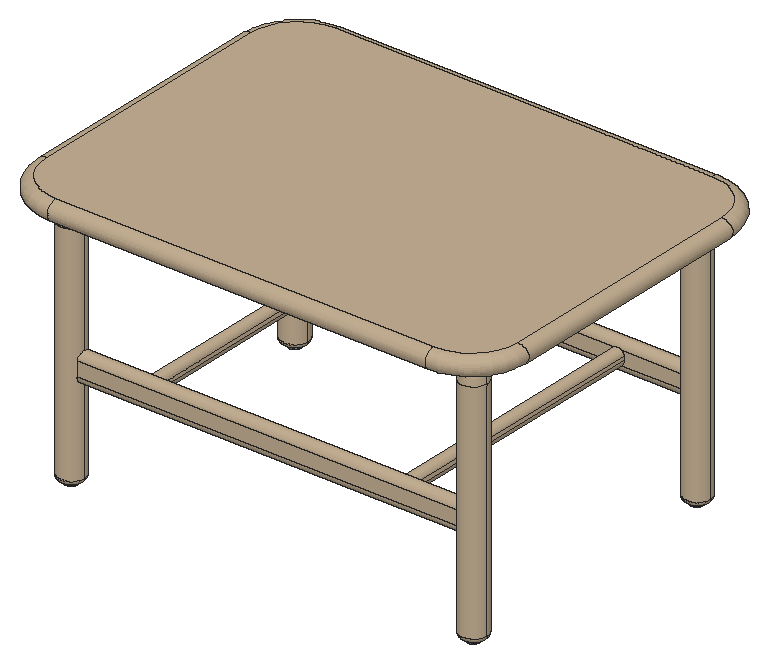
Revit family "FU_Sandler_Wudi 9-1", category Furniture, Revit 2023
Family settings
  OmniClass Number = 23.40.20.00
  OmniClass Title = General Furniture and Specialties
  Work Plane-Based = No
  Enable Cutting in Views = No
  Always vertical = Yes
  Cut with Voids When Loaded = No
  Render Appearance Source = Family Geometry
  Shared = No
  Room Calculation Point = No
Parameters (values of type "Wudi 9.1")
  Width = 600 mm
  URL = "https://www.sandlerseating.com/product/wudi-9-1/"
  Table Top = Wood - Oak - Sandler - Walnut - TableTops
  Table Leg Finish = Wood - Oak - Sandler - Walnut - Legs
  Shelf Visibility = no
  Model = "Wudi 9.1"
  Manufacturer = "Sandler"
  Height = 335 mm  # constant formula
  Description = "Coffee table made of solid oak. 60 x 45cm"
  Depth = 450 mm  # constant formula
  Default Elevation = 0 mm
  Assembly Code = "E2020200"
Types (5, lengths in mm): name | Width | URL | Shelf Visibility | Model
  (no name) | 600 | "https://www.sandlerseating.com/product/wudi-9-1/" | no | "Wudi 9.1"
  Wudi 9.1 | 600 | "https://www.sandlerseating.com/product/wudi-9-1/" | no | "Wudi 9.1"
  Wudi 9.2 | 600 | "https://www.sandlerseating.com/product/wudi-9-2/" | yes | "Wudi 9.2"
  Wudi 9.3 | 1200 | "https://www.sandlerseating.com/product/wudi-9-3/" | no | "Wudi 9.3"
  Wudi 9.4 | 1200 | "https://www.sandlerseating.com/product/wudi-9-4/" | yes | "Wudi 9.4"
Reference planes
  plane 1 "Center (Front/Back)": y = 0
  plane 2: z = 0
  plane 3 "Center (Left/Right)": x = 0
  plane 4: y = 225
  plane 5: y = -225
  plane 6: x = -300
  plane 7: x = 287
  plane 8 "Table top": z = 335
  plane 9: z = 312
  plane 10: y = 155
  plane 11: x = -230
  plane 12: y = -155
  plane 13: x = 230
  plane 14: y = 212
  plane 15: y = -212
  plane 16: x = -287
  plane 17: x = -245
  plane 18: x = 245
  plane 19 "Front Legs": y = -170
  plane 20 "Back Legs - Center": y = 170
  plane 21: z = 7
  plane 22: x = 300
  plane 23 "Magazine Center line": z = 134.5
  plane 24: y = -179
  plane 25: y = -161
  plane 26: y = 179
  plane 27: y = 161
  plane 28: x = -155
  plane 29: x = 155
  plane 30: x = -215
  plane 31: x = -203
  plane 32: x = 203
  plane 33: x = -215
  plane 34: x = 215
  plane 35: y = -195
  plane 36: y = -183
  plane 37: y = 195
  plane 38: y = 183
  plane 39 "shelf Bottom": z = 152
  plane 40 "Center L/S": z = 170
Forms (mm)
  Extrusion 1, solid, material "Wood - Oak - Sandler - Walnut - TableTops" <- "Table Top"
    sketch origin (0, 0, 335) x (-1, 0, 0) y (0, -1, 0)
      loop
        line (287, -155) -> (287, 155)
        arc (287, 155) -> (270.305, 195.305) -> (230, 212) r 57
        line (230, 212) -> (-230, 212)
        arc (-230, 212) -> (-270.305, 195.305) -> (-287, 155) r 57
        line (-287, 155) -> (-287, -155)
        arc (-287, -155) -> (-270.305, -195.305) -> (-230, -212) r 57
        line (-230, -212) -> (230, -212)
        arc (230, -212) -> (270.305, -195.305) -> (287, -155) r 57
    from -23 to 0
  Sweep 2, solid, material "Wood - Oak - Sandler - Walnut - TableTops" <- "Table Top"
    path in 3D
      loop
        arc (230, -212, 335) -> (270.305, -195.305, 335) -> (287, -155, 335) r 57
        line (287, -155, 335) -> (287, 155, 335)
        arc (287, 155, 335) -> (270.305, 195.305, 335) -> (230, 212, 335) r 57
        line (230, 212, 335) -> (-230, 212, 335)
        arc (-230, 212, 335) -> (-270.305, 195.305, 335) -> (-287, 155, 335) r 57
        line (-287, 155, 335) -> (-287, -155, 335)
        arc (-287, -155, 335) -> (-270.305, -195.305, 335) -> (-230, -212, 335) r 57
        line (-230, -212, 335) -> (230, -212, 335)
    profile "Profile_Ellispe_Top : 23x13 Top" origin (-287, 0, 335) x (1, 0, 0) y (0, 0, 1)
      loop
        spline (0, 0) -> (-3.365, -0.392) -> (-6.5, -1.541) -> (-9.192, -3.368) -> (-11.258, -5.75) -> (-12.557, -8.524) -> (-13, -11.5) -> (-12.557, -14.476) -> (-11.258, -17.25) -> (-9.192, -19.632) -> (-6.5, -21.459) -> (-3.365, -22.608) -> (0, -23)
        line (0, -23) -> (0, 0)
  Revolve 3, solid, material "Wood - Oak - Sandler - Walnut - Legs" <- "Table Leg Finish"
    sketch origin (0, -170, 0) x (0, 0, -1) y (-1, 0, 0)
      loop
        line (-312, 245) -> (-312, 234.772)
        arc (-312, 234.772) -> (-299.829, 230.462) -> (-287, 229) r 57.029
        line (-287, 229) -> (-12, 229)
        arc (-12, 229) -> (-8.464, 230.464) -> (-7, 234) r 5
        line (-7, 234) -> (-7, 245) -> (-312, 245)
      axis (-7, 245) -> (-312, 245)
    angle from 0 to 360
  Revolve 4, solid, material "Rubber, Black"
    sketch origin (0, -170, 0) x (0, 0, -1) y (-1, 0, 0)
      loop
        line (0, 245) -> (-7, 245) -> (-7, 236.5) -> (-3.584, 236.5)
        arc (-3.584, 236.5) -> (-2.873, 236.794) -> (-2.579, 237.505) r 1.005
        arc (-2.579, 237.505) -> (-0.694, 241.048) -> (0, 245) r 12.775
      axis (0, 245) -> (-7, 245)
    angle from 0 to 360
  Revolve 5, solid, material "Wood - Oak - Sandler - Walnut - Legs" <- "Table Leg Finish"
    sketch origin (0, -170, 0) x (0, 0, -1) y (-1, 0, 0)
      loop
        line (-312, -245) -> (-7, -245) -> (-7, -234)
        arc (-7, -234) -> (-8.464, -230.464) -> (-12, -229) r 5
        line (-12, -229) -> (-287, -229)
        arc (-287, -229) -> (-299.829, -230.462) -> (-312, -234.772) r 57.029
        line (-312, -234.772) -> (-312, -245)
      axis (-7, -245) -> (-312, -245)
    angle from 0 to 360
  Revolve 6, solid, material "Rubber, Black"
    sketch origin (0, -170, 0) x (0, 0, -1) y (-1, 0, 0)
      loop
        arc (0, -245) -> (-0.694, -241.048) -> (-2.579, -237.505) r 12.775
        arc (-2.579, -237.505) -> (-2.873, -236.794) -> (-3.584, -236.5) r 1.005
        line (-3.584, -236.5) -> (-7, -236.5) -> (-7, -245) -> (0, -245)
      axis (0, -245) -> (-7, -245)
    angle from 0 to 360
  Revolve 7, solid, material "Wood - Oak - Sandler - Walnut - Legs" <- "Table Leg Finish"
    sketch origin (0, 170, 0) x (0, 0, -1) y (-1, 0, 0)
      loop
        line (-312, 245) -> (-312, 234.772)
        arc (-312, 234.772) -> (-299.829, 230.462) -> (-287, 229) r 57.029
        line (-287, 229) -> (-12, 229)
        arc (-12, 229) -> (-8.464, 230.464) -> (-7, 234) r 5
        line (-7, 234) -> (-7, 245) -> (-312, 245)
      axis (-7, 245) -> (-312, 245)
    angle from 0 to 360
  Revolve 8, solid, material "Rubber, Black"
    sketch origin (0, 170, 0) x (0, 0, -1) y (-1, 0, 0)
      loop
        line (0, 245) -> (-7, 245) -> (-7, 236.5) -> (-3.584, 236.5)
        arc (-3.584, 236.5) -> (-2.873, 236.794) -> (-2.579, 237.505) r 1.005
        arc (-2.579, 237.505) -> (-0.694, 241.048) -> (0, 245) r 12.775
      axis (0, 245) -> (-7, 245)
    angle from 0 to 360
  Revolve 9, solid, material "Wood - Oak - Sandler - Walnut - Legs" <- "Table Leg Finish"
    sketch origin (0, 170, 0) x (0, 0, -1) y (-1, 0, 0)
      loop
        line (-312, -245) -> (-7, -245) -> (-7, -234)
        arc (-7, -234) -> (-8.464, -230.464) -> (-12, -229) r 5
        line (-12, -229) -> (-287, -229)
        arc (-287, -229) -> (-299.829, -230.462) -> (-312, -234.772) r 57.029
        line (-312, -234.772) -> (-312, -245)
      axis (-7, -245) -> (-312, -245)
    angle from 0 to 360
  Revolve 10, solid, material "Rubber, Black"
    sketch origin (0, 170, 0) x (0, 0, -1) y (-1, 0, 0)
      loop
        arc (0, -245) -> (-0.694, -241.048) -> (-2.579, -237.505) r 12.775
        arc (-2.579, -237.505) -> (-2.873, -236.794) -> (-3.584, -236.5) r 1.005
        line (-3.584, -236.5) -> (-7, -236.5) -> (-7, -245) -> (0, -245)
      axis (0, -245) -> (-7, -245)
    angle from 0 to 360
  Sweep 11, solid, material "Wood - Oak - Sandler - Walnut - Legs" <- "Table Leg Finish"
    path in 3D
      loop
        line (-245, -170, 134.5) -> (245, -170, 134.5)
    profile origin (0, -170, 134.5) x (0, 0, -1) y (0, 1, 0)
      loop
        line (-8.5, -9) -> (8.5, -9)
        arc (8.5, -9) -> (17.5, 0) -> (8.5, 9) r 9
        line (8.5, 9) -> (-8.5, 9)
        arc (-8.5, 9) -> (-17.5, 0) -> (-8.5, -9) r 9
      loop
        arc (8.5, 331) -> (17.5, 340) -> (8.5, 349) r 9
        line (8.5, 349) -> (-8.5, 349)
        arc (-8.5, 349) -> (-17.5, 340) -> (-8.5, 331) r 9
        line (-8.5, 331) -> (8.5, 331)
  Sweep 12, solid, material "Wood - Oak - Sandler - Walnut - Legs" <- "Table Leg Finish"
    path in 3D
      loop
        line (0, 170, 134.5) -> (0, -170, 134.5)
    profile origin (0, 0, 134.5) x (0, 0, -1) y (1, 0, 0)
      loop
        line (-2.5, -162.5) -> (2.5, -162.5)
        arc (2.5, -162.5) -> (10, -155) -> (2.5, -147.5) r 7.5
        line (2.5, -147.5) -> (-2.5, -147.5)
        arc (-2.5, -147.5) -> (-10, -155) -> (-2.5, -162.5) r 7.5
      loop
        line (-2.5, 147.5) -> (2.5, 147.5)
        arc (2.5, 147.5) -> (10, 155) -> (2.5, 162.5) r 7.5
        line (2.5, 162.5) -> (-2.5, 162.5)
        arc (-2.5, 162.5) -> (-10, 155) -> (-2.5, 147.5) r 7.5
  Extrusion 13, solid, material "Wood - Oak - Sandler - Walnut - TableTops" <- "Table Top", visible <- "Shelf Visibility"
    sketch origin (0, 0, 152) x (1, 0, 0) y (0, 1, 0)
      loop
        line (-203, 130) -> (-203, -130)
        arc (-203, -130) -> (-187.477, -167.477) -> (-150, -183) r 53
        line (-150, -183) -> (150, -183)
        arc (150, -183) -> (187.477, -167.477) -> (203, -130) r 53
        line (203, -130) -> (203, 130)
        arc (203, 130) -> (187.477, 167.477) -> (150, 183) r 53
        line (150, 183) -> (-150, 183)
        arc (-150, 183) -> (-187.477, 167.477) -> (-203, 130) r 53
    from 0 to 18
  Sweep 14, solid, material "Wood - Oak - Sandler - Walnut - TableTops" <- "Table Top", visible <- "Shelf Visibility"
    path in 3D
      loop
        arc (150, -183, 170) -> (187.477, -167.477, 170) -> (203, -130, 170) r 53
        line (203, -130, 170) -> (203, 130, 170)
        arc (203, 130, 170) -> (187.477, 167.477, 170) -> (150, 183, 170) r 53
        line (150, 183, 170) -> (-150, 183, 170)
        arc (-150, 183, 170) -> (-187.477, 167.477, 170) -> (-203, 130, 170) r 53
        line (-203, 130, 170) -> (-203, -130, 170)
        arc (-203, -130, 170) -> (-187.477, -167.477, 170) -> (-150, -183, 170) r 53
        line (-150, -183, 170) -> (150, -183, 170)
    profile "Profile_Ellispe_Top : 18x12 Shelf" origin (0, -183, 170) x (0, 1, 0) y (0, 0, 1)
      loop
        spline (0, 0) -> (-3.106, -0.307) -> (-6, -1.206) -> (-8.485, -2.636) -> (-10.392, -4.5) -> (-11.591, -6.671) -> (-12, -9) -> (-11.591, -11.329) -> (-10.392, -13.5) -> (-8.485, -15.364) -> (-6, -16.794) -> (-3.106, -17.693) -> (0, -18)
        line (0, -18) -> (0, 0)
Cuts and joins
  joined: Extrusion 1, Sweep 2
  joined: Revolve 3, Revolve 5, Revolve 7, Revolve 9, Sweep 11, Sweep 12
  joined: Extrusion 13, Sweep 14
Lines and regions (mm)
  sketch lines
    curve 1: line (-230, -212, 335) -> (230, -212, 335)
    curve 2: arc (287, -155, 335) -> (270.305, -195.305, 335) -> (230, -212, 335) r 57
    curve 3: line (287, -155, 335) -> (287, 155, 335)
    curve 4: arc (230, 212, 335) -> (270.305, 195.305, 335) -> (287, 155, 335) r 57
    curve 5: line (230, 212, 335) -> (-230, 212, 335)
    curve 6: arc (-287, 155, 335) -> (-270.305, 195.305, 335) -> (-230, 212, 335) r 57
    curve 7: line (-287, 155, 335) -> (-287, -155, 335)
    curve 8: arc (-230, -212, 335) -> (-270.305, -195.305, 335) -> (-287, -155, 335) r 57
    curve 11: line (-245, -170, 134.5) -> (245, -170, 134.5)
    curve 13: line (0, 170, 134.5) -> (0, -170, 134.5)
    curve 14: line (-150, -183, 170) -> (150, -183, 170)
    curve 15: arc (-150, -183, 170) -> (-187.477, -167.477, 170) -> (-203, -130, 170) r 53
    curve 16: line (-203, 130, 170) -> (-203, -130, 170)
    curve 17: arc (-203, 130, 170) -> (-187.477, 167.477, 170) -> (-150, 183, 170) r 53
    curve 18: line (150, 183, 170) -> (-150, 183, 170)
    curve 19: arc (150, 183, 170) -> (187.477, 167.477, 170) -> (203, 130, 170) r 53
    curve 20: line (203, -130, 170) -> (203, 130, 170)
    curve 21: arc (203, -130, 170) -> (187.477, -167.477, 170) -> (150, -183, 170) r 53
  reference lines
    curve 9: line (-245, -170, 134.5) -> (245, -170, 134.5)
    curve 10: line (245, 170, 134.5) -> (-245, 170, 134.5)
    curve 12: line (0, 170, 134.5) -> (0, -170, 134.5)
Dimensions and locks
  equal spacing: plane 6, plane 3 "Center (Left/Right)", plane 22
  equal spacing: plane 4, plane 1 "Center (Front/Back)", plane 5
  "Width": plane 6 to plane 22
  "Depth": plane 4 to plane 5
  "Height": plane 8 "Table top" to level
  locked: plane 8 "Table top" to plane 9 at 23
  locked: plane 6 to plane 11 at 70
  locked: plane 4 to plane 10 at 70
  locked: plane 5 to plane 12 at 70
  locked: plane 4 to plane 14 at 13
  locked: plane 5 to plane 15 at 13
  locked: plane 6 to plane 16 at 13
  locked: plane 6 to plane 17 at 55
  locked: plane 4 to plane 20 "Back Legs - Center" at 55
  locked: plane 18 to plane 22 at 55
  locked: plane 13 to plane 22 at 70
  locked: plane 7 to plane 22 at 13
  locked: plane 23 "Magazine Center line" to level at 134.5
  plane 27 to plane 20 "Back Legs - Center" to plane 26 = 9 mm locked, 9 mm locked
  plane 24 to plane 19 "Front Legs" to plane 25 = 9 mm locked, 9 mm locked
  locked: plane 28 to plane 17 at 90
  locked: plane 29 to plane 18 at 90
  equal spacing: Sweep 12 sketch curve, plane 28, Sweep 12 sketch curve, locked at 7.5 each
  equal spacing: Sweep 12 sketch curve, plane 29, Sweep 12 sketch curve, locked at 7.5 each
  plane 17 to plane 30 to plane 31 = 30 mm locked, 12 mm locked
  plane 32 to plane 34 to plane 18 = 12 mm locked, 30 mm locked
  plane 19 "Front Legs" to plane 36 to plane 35 = 13 mm locked, 12 mm locked
  plane 20 "Back Legs - Center" to plane 38 to plane 37 = 13 mm locked, 12 mm locked
  locked: plane 31 to Extrusion 13 sketch curve at 53  (x2)
  locked: Extrusion 13 sketch curve to plane 32 at 53  (x2)
  locked: plane 38 to Extrusion 13 sketch curve at 53  (x2)
  locked: plane 36 to Extrusion 13 sketch curve at 53  (x2)
  locked: plane 40 "Center L/S" to plane 39 "shelf Bottom" at 18
  locked: plane 39 "shelf Bottom" to plane 23 "Magazine Center line" at 17.5
  aligned and locked: level to plane 2
  aligned and locked: Extrusion 1 to plane 9
  aligned and locked: plane 8 "Table top" to Extrusion 1
  aligned and locked: Revolve 3 sketch curve to plane 17  (x2)
  aligned and locked: Revolve 4 sketch curve to plane 17
  aligned and locked: Revolve 3 sketch curve to plane 21
  aligned and locked: plane 9 to Revolve 3 sketch curve
  aligned and locked: Revolve 4 sketch curve to plane 21
  aligned and locked: Extrusion 1 sketch curve to plane 16
  aligned and locked: Extrusion 1 sketch curve to plane 7
  aligned and locked: plane 10 to Extrusion 1 sketch curve  (x2)
  aligned and locked: plane 11 to Extrusion 1 sketch curve  (x2)
  aligned and locked: plane 12 to Extrusion 1 sketch curve  (x2)
  aligned and locked: plane 13 to Extrusion 1 sketch curve  (x2)
  aligned and locked: Revolve 5 sketch curve to plane 18
  aligned and locked: plane 18 to Revolve 5 sketch curve
  aligned and locked: Revolve 6 sketch curve to plane 18  (x2)
  aligned and locked: Revolve 9 sketch curve to plane 18  (x2)
  aligned and locked: Revolve 7 sketch curve to plane 17
  aligned and locked: plane 17 to Revolve 7 sketch curve
  aligned and locked: Revolve 8 sketch curve to plane 17  (x2)
  aligned and locked: Revolve 10 sketch curve to plane 18
  aligned and locked: plane 18 to Revolve 10 sketch curve
  aligned and locked: curve 9 to plane 23 "Magazine Center line"
  aligned and locked: plane 17 to curve 9
  aligned and locked: plane 18 to curve 9
  aligned and locked: curve 10 to plane 23 "Magazine Center line"
  aligned and locked: plane 18 to curve 10
  aligned and locked: plane 17 to curve 10
  aligned and locked: Sweep 11 sketch curve to plane 25
  aligned and locked: Sweep 11 sketch curve to plane 27
  aligned and locked: Sweep 11 sketch curve to plane 26
  aligned and locked: curve 12 to plane 23 "Magazine Center line"
  aligned and locked: plane 20 "Back Legs - Center" to curve 10  (x2)
  aligned and locked: plane 19 "Front Legs" to curve 9
  aligned and locked: plane 36 to Extrusion 13 sketch curve
  aligned and locked: Extrusion 13 to plane 40 "Center L/S"
  aligned and locked: plane 39 "shelf Bottom" to Extrusion 13
Automatic sketch dimensions
  plane 11 to Revolve 3 sketch curve = 1 mm
  Revolve 3 sketch curve to plane 9 = 25 mm
  Revolve 3 sketch curve to plane 11 = 4 mm
  Revolve 3 sketch curve to Revolve 3 sketch curve = 10.228 mm
  plane 8 "Table top" to Revolve 3 sketch curve = 116.452 mm
  Revolve 3 sketch curve to level = 64.576 mm
  Revolve 4 sketch curve to plane 17 = 0 mm
  Revolve 4 sketch curve to level = 0 mm
  Revolve 4 sketch curve to plane 17 = 0.204 mm
  Revolve 4 sketch curve to plane 21 = 5.773 mm
  plane 21 to Revolve 4 sketch curve = 3.416 mm
  Revolve 4 sketch curve to plane 11 = 7.505 mm
  plane 8 "Table top" to Revolve 4 sketch curve = 116.452 mm
  Revolve 4 sketch curve to level = 64.576 mm
  Revolve 5 sketch curve to plane 9 = 0 mm
  Revolve 5 sketch curve to plane 21 = 0 mm
  plane 13 to Revolve 5 sketch curve = 1 mm
  Revolve 5 sketch curve to plane 9 = 25 mm
  Revolve 5 sketch curve to plane 13 = 4 mm
  Revolve 5 sketch curve to plane 7 = 0.971 mm
  plane 8 "Table top" to Revolve 5 sketch curve = 116.452 mm
  Revolve 5 sketch curve to level = 64.576 mm
  Revolve 6 sketch curve to plane 21 = 0 mm
  Revolve 6 sketch curve to level = 0 mm
  Revolve 6 sketch curve to plane 18 = 0.204 mm
  Revolve 6 sketch curve to plane 21 = 5.773 mm
  plane 21 to Revolve 6 sketch curve = 3.416 mm
  Revolve 6 sketch curve to plane 13 = 7.505 mm
  plane 8 "Table top" to Revolve 6 sketch curve = 116.452 mm
  Revolve 6 sketch curve to Revolve 6 sketch curve = 64.576 mm
  Revolve 7 sketch curve to plane 9 = 0 mm
  Revolve 7 sketch curve to plane 21 = 0 mm
  Revolve 7 sketch curve to plane 11 = 1 mm
  plane 9 to Revolve 7 sketch curve = 25 mm
  plane 11 to Revolve 7 sketch curve = 4 mm
  Revolve 7 sketch curve to Revolve 7 sketch curve = 10.228 mm
  Revolve 7 sketch curve to plane 8 "Table top" = 116.452 mm
  level to Revolve 7 sketch curve = 64.576 mm
  Revolve 8 sketch curve to plane 21 = 0 mm
  Revolve 8 sketch curve to level = 0 mm
  plane 17 to Revolve 8 sketch curve = 0.204 mm
  plane 21 to Revolve 8 sketch curve = 5.773 mm
  Revolve 8 sketch curve to plane 21 = 3.416 mm
  plane 11 to Revolve 8 sketch curve = 7.505 mm
  Revolve 8 sketch curve to plane 8 "Table top" = 116.452 mm
  level to Revolve 8 sketch curve = 64.576 mm
  Revolve 9 sketch curve to plane 9 = 0 mm
  Revolve 9 sketch curve to plane 21 = 0 mm
  Revolve 9 sketch curve to plane 13 = 1 mm
  plane 9 to Revolve 9 sketch curve = 25 mm
  plane 13 to Revolve 9 sketch curve = 4 mm
  plane 7 to Revolve 9 sketch curve = 0.971 mm
  Revolve 9 sketch curve to plane 8 "Table top" = 116.452 mm
  level to Revolve 9 sketch curve = 64.576 mm
  Revolve 10 sketch curve to plane 21 = 0 mm
  Revolve 10 sketch curve to level = 0 mm
  plane 18 to Revolve 10 sketch curve = 0.204 mm
  plane 21 to Revolve 10 sketch curve = 5.773 mm
  Revolve 10 sketch curve to plane 21 = 3.416 mm
  plane 13 to Revolve 10 sketch curve = 7.505 mm
  Revolve 10 sketch curve to plane 8 "Table top" = 116.452 mm
  Revolve 10 sketch curve to Revolve 10 sketch curve = 64.576 mm
  profile plane to Sweep 11 sketch curve = 8.5 mm  (x2)
  Sweep 11 sketch curve to profile plane = 8.5 mm  (x2)
  Sweep 11 sketch curve to profile plane = 0 mm
  curve 12 to plane 19 "Front Legs" = 0 mm
  curve 12 to plane 20 "Back Legs - Center" = 0 mm
  profile plane to Sweep 12 sketch curve = 2.5 mm  (x2)
  Sweep 12 sketch curve to profile plane = 2.5 mm  (x2)
  Sweep 12 sketch curve to Sweep 12 sketch curve = 7.5 mm  (x2)
